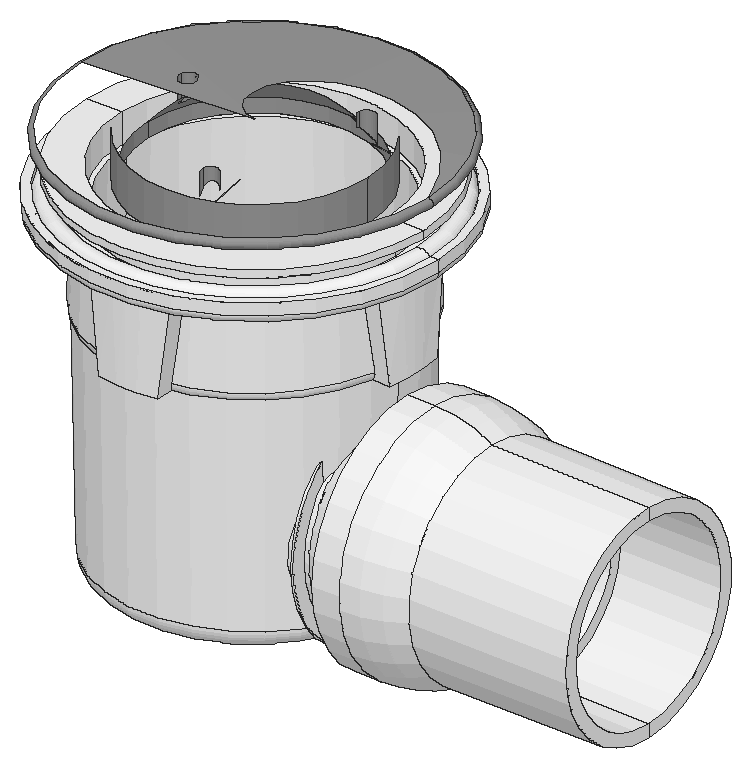
Revit family "0122.13 LRP DC EC SE50", category Plumbing Fixtures, Revit 2016
Family settings
  Part Type = Normal
  Round Connector Dimension = Use Diameter
  OmniClass Number = 23.31.27.00
  OmniClass Title = Floor Drains
  Work Plane-Based = No
  Always vertical = Yes
  Cut with Voids When Loaded = No
  Shared = No
  Room Calculation Point = No
Parameters (values of type "0122.13")
  Waste Connection = yes
  Vent Connection = no
  URL = "www.aquaknight.co.nz"
  Phone = "+6498322214"  # constant formula
  Model = "LRP DC EC SE50 – 0122.03"
  Manufacturer = "Aquanight Industries Ltd"  # constant formula
  HW Connection = no
  Email = "info@aquaknight.co.nz"  # constant formula
  Description = "DWV40 Wastetrap with chrome dome lid"
  CW Connection = no
Reference planes
  plane 1 "Center (Front/Back)": y = 0
  plane 2: z = 0
  plane 3 "Center (Left/Right)": x = 0
  plane 4: x = -12.666
  plane 5: x = -8.658
  plane 6: z = -77.913
  plane 7: x = 106.179
Forms (mm)
  Revolve 1, solid, material "Plastic, Glossy White"
    sketch origin (0, 0, 0) x (1, 0, 0) y (0, 0, 1)
      loop
        line (0, -103.328) -> (-25.107, -102.671)
        spline (-25.107, -102.671) -> (-26.971, -102.636) -> (-28.847, -102.617) -> (-30.702, -102.593) -> (-32.502, -102.544) -> (-34.215, -102.45) -> (-35.809, -102.292) -> (-37.251, -102.048) -> (-38.507, -101.699) -> (-39.546, -101.226) -> (-40.334, -100.608) -> (-40.838, -99.824) -> (-41.025, -98.856)
        line (-41.025, -98.856) -> (-42.255, -28.405) -> (-40.35, -28.405) -> (-39.919, -2.405) -> (-41.45, -2.405) -> (-41.45, 6.595) -> (-52.279, 6.595) -> (-52.279, 4.395) -> (-50.75, 3.513) -> (-46.125, 3.095)
        arc (-46.125, 3.095) -> (-44.504, 2.292) -> (-43.85, 0.606) r 2.5
        line (-43.85, 0.606) -> (-43.85, -3.399) -> (-49.924, -3.399)
        arc (-49.924, -3.399) -> (-51.565, 1.366) -> (-53.206, -3.399) r 2.665
        line (-53.206, -3.399) -> (-54.441, -3.399) -> (-54.5, 0) -> (-57, 0) -> (-56.936, -3.693)
        arc (-56.936, -3.693) -> (-56.187, -5.433) -> (-54.434, -6.149) r 2.5
        line (-54.434, -6.149) -> (-45.017, -6.149)
        spline (-45.017, -6.149) -> (-45.069, -8.251) -> (-45.119, -10.355) -> (-45.168, -12.461) -> (-45.216, -14.57) -> (-45.262, -16.68) -> (-45.306, -18.793) -> (-45.349, -20.908) -> (-45.391, -23.025) -> (-45.431, -25.143) -> (-45.469, -27.264) -> (-45.506, -29.386) -> (-45.542, -31.51)
        arc (-45.542, -31.51) -> (-45.324, -32.787) -> (-44.659, -33.899) r 3.52
        line (-44.659, -33.899) -> (-43.525, -98.899)
        spline (-43.525, -98.899) -> (-43.221, -100.675) -> (-42.455, -102.227) -> (-41.296, -103.484) -> (-39.817, -104.374) -> (-38.101, -104.811) -> (-36.258, -104.883) -> (-34.41, -104.928) -> (-32.563, -104.976) -> (-30.715, -105.025) -> (-28.868, -105.073) -> (-27.02, -105.121) -> (-25.173, -105.17)
        line (-25.173, -105.17) -> (0, -105.829) -> (0, -103.328)
      axis (0, 6.595) -> (0, -105.829)
    angle from 0 to 360
  Revolve 2, solid, material "Steel, Chrome Plated"
    sketch origin (0, 0, 0) x (1, 0, 0) y (0, 0, 1)
      loop
        arc (0, 19.379) -> (-26.956, 18.613) -> (-53.826, 16.319) r 475
        arc (-53.826, 16.319) -> (-55.146, 14.659) -> (-53.486, 13.339) r 1.5
        arc (-53.486, 13.339) -> (-44.251, 14.3) -> (-35, 15.079) r 472
        line (-35, 15.079) -> (-35, 2.379) -> (-33.2, 2.379) -> (-33.2, 6.88)
        spline (-33.2, 6.88) -> (-32.462, 7.618) -> (-31.723, 8.356) -> (-30.984, 9.095) -> (-30.244, 9.834) -> (-29.505, 10.573) -> (-28.765, 11.312) -> (-28.025, 12.052) -> (-27.285, 12.791) -> (-26.545, 13.531) -> (-25.805, 14.271) -> (-25.064, 15.011) -> (-24.324, 15.752)
        arc (-24.324, 15.752) -> (-12.166, 16.222) -> (0, 16.379) r 472
        line (0, 16.379) -> (0, 19.379)
      axis (0, 19.379) -> (0, 2.379)
    angle from 0 to 360
  Revolve 3, solid, material "Plastic, Glossy White"
    sketch origin (0, 0, 0) x (1, 0, 0) y (0, 0, 1)
      loop
        line (47.393, -109.85) -> (47.393, -114.913) -> (55.703, -114.913)
        arc (55.703, -114.913) -> (64.891, -113.754) -> (73.502, -110.351) r 37
        line (73.502, -110.351) -> (122.175, -109.926) -> (122.175, -106.184) -> (91.179, -105.79) -> (91.179, -102.663) -> (86.179, -102.489) -> (86.179, -100.989) -> (79.294, -100.989)
        arc (79.294, -100.989) -> (76.835, -103.26) -> (74.159, -105.27) r 33
        line (74.159, -105.27) -> (0, -103.328) -> (0, -105.829) -> (37.644, -106.815) -> (37.717, -111.072)
        arc (37.717, -111.072) -> (38, -111.35) -> (38.283, -111.072) r 0.283
        line (38.283, -111.072) -> (38.357, -106.833) -> (39.882, -106.873)
        arc (39.882, -106.873) -> (43.546, -108.592) -> (47.393, -109.85) r 33
      axis (122.175, -77.913) -> (0, -77.913)
    angle from 0 to 360
  SweptBlend 4, solid, material "Plastic, Glossy White", detail levels fine
    path origin (0, 0, 0) x (1, 0, 0) y (0, 0, 1)
      loop
        line (0, -6.149) -> (0, -33.899)
    profile origin (0, 0, -6.149) x (0, -1, 0) y (1, 0, 0)
      loop
        arc (48.308, -12.6) -> (49.924, 0) -> (48.308, 12.6) r 49.924
        line (48.308, 12.6) -> (43.218, 12.6)
        arc (43.218, 12.6) -> (45.017, 0) -> (43.218, -12.6) r 45.017
        line (43.218, -12.6) -> (48.308, -12.6)
    end profile origin (0, 0, -33.899) x (0, -1, 0) y (1, 0, 0)
      loop
        arc (49.088, -9.1) -> (49.924, 0) -> (49.088, 9.1) r 49.924
        line (49.088, 9.1) -> (44.088, 9.1)
        arc (44.088, 9.1) -> (45.017, 0) -> (44.088, -9.1) r 45.017
        line (44.088, -9.1) -> (49.088, -9.1)
  SweptBlend 5, solid, material "Plastic, Glossy White", detail levels fine
    path origin (0, 0, 0) x (0, -1, 0) y (0, 0, 1)
      loop
        line (0, -6.149) -> (0, -33.899)
    profile origin (0, 0, -6.149) x (-1, 0, 0) y (0, -1, 0)
      loop
        arc (48.308, -12.6) -> (49.924, 0) -> (48.308, 12.6) r 49.924
        line (48.308, 12.6) -> (43.218, 12.6)
        arc (43.218, 12.6) -> (45.017, 0) -> (43.218, -12.6) r 45.017
        line (43.218, -12.6) -> (48.308, -12.6)
    end profile origin (0, 0, -33.899) x (-1, 0, 0) y (0, -1, 0)
      loop
        arc (49.088, -9.1) -> (49.924, 0) -> (49.088, 9.1) r 49.924
        line (49.088, 9.1) -> (44.088, 9.1)
        arc (44.088, 9.1) -> (45.017, 0) -> (44.088, -9.1) r 45.017
        line (44.088, -9.1) -> (49.088, -9.1)
  SweptBlend 6, solid, material "Plastic, Glossy White", detail levels fine
    path origin (0, 0, 0) x (-1, 0, 0) y (0, 0, 1)
      loop
        line (0, -6.149) -> (0, -33.899)
    profile origin (0, 0, -6.149) x (0, 1, 0) y (-1, 0, 0)
      loop
        arc (48.308, -12.6) -> (49.924, 0) -> (48.308, 12.6) r 49.924
        line (48.308, 12.6) -> (43.218, 12.6)
        arc (43.218, 12.6) -> (45.017, 0) -> (43.218, -12.6) r 45.017
        line (43.218, -12.6) -> (48.308, -12.6)
    end profile origin (0, 0, -33.899) x (0, 1, 0) y (-1, 0, 0)
      loop
        arc (49.088, -9.1) -> (49.924, 0) -> (49.088, 9.1) r 49.924
        line (49.088, 9.1) -> (44.088, 9.1)
        arc (44.088, 9.1) -> (45.017, 0) -> (44.088, -9.1) r 45.017
        line (44.088, -9.1) -> (49.088, -9.1)
  SweptBlend 7, solid, material "Plastic, Glossy White", detail levels fine
    path origin (0, 0, 0) x (0, 1, 0) y (0, 0, 1)
      loop
        line (0, -6.149) -> (0, -33.899)
    profile origin (0, 0, -6.149) x (1, 0, 0) y (0, 1, 0)
      loop
        arc (48.308, -12.6) -> (49.924, 0) -> (48.308, 12.6) r 49.924
        line (48.308, 12.6) -> (43.218, 12.6)
        arc (43.218, 12.6) -> (45.017, 0) -> (43.218, -12.6) r 45.017
        line (43.218, -12.6) -> (48.308, -12.6)
    end profile origin (0, 0, -33.899) x (1, 0, 0) y (0, 1, 0)
      loop
        arc (49.088, -9.1) -> (49.924, 0) -> (49.088, 9.1) r 49.924
        line (49.088, 9.1) -> (44.088, 9.1)
        arc (44.088, 9.1) -> (45.017, 0) -> (44.088, -9.1) r 45.017
        line (44.088, -9.1) -> (49.088, -9.1)
  Extrusion 8, void
    sketch origin (0, 0, 4) x (0, 1, 0) y (-1, 0, 0)
      loop
        circle (7.037, 26.363) r 2.427
      loop
        circle (19.372, -19.235) r 2.427
      loop
        circle (-26.347, -7.123) r 2.365
    from 0 to 38.091
Cuts and joins
  Extrusion 8 cuts Revolve 2
Dimensions and locks
  locked: plane 7 to plane 3 "Center (Left/Right)" at 106.179
  locked: plane 6 to connector elem at 0
  locked: connector elem to plane 1 "Center (Front/Back)" at 0
  aligned and locked: level to plane 2
  aligned and locked: Revolve 1 sketch curve to plane 3 "Center (Left/Right)"
  aligned and locked: Revolve 2 sketch curve to plane 3 "Center (Left/Right)"
Connectors
  piping at (106.179, 0, -77.913), diameter 50
    settings: on plane 7, index 1, connector inside diameter 609.6 mm, connector length 0 mm, flow factor 0, pipe flow 0.0 L/s, pressure drop 0.0 Pa, fitting loss kfactor 0, connector angle 0.00°, fixture units 0, engagement length 0 mm, angle of deflection 0.00°, flow configuration 0, flow direction 0, fitting loss method 0, system type 28, joint type 0, gender type 0, connector reference index -1, connector utility 0, adjustable connector no, is connector primary yes, connector description ""
